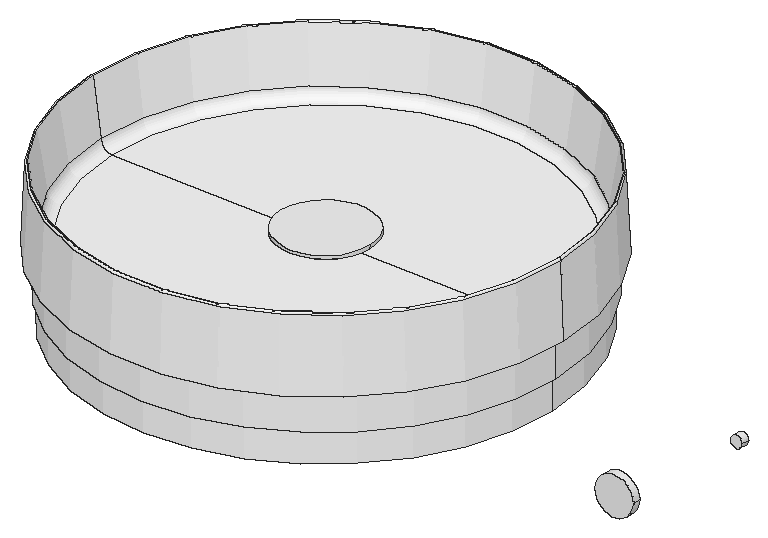
Revit family "Lavatory-TOTO-Contemporary-Luminist-LLT152", category Plumbing Fixtures, host Face, Revit 2013
Parameters
  ecoScorecard_data = "http://toto.ecoscorecard.com/product/LLT152#63-WH"
  ecoScorecard Product Page = "http://toto.ecoscorecard.com/product/LLT152#63-WH"
  Width = 24"
  Waste Connection NPT Radius = 5/8"
  Warranty URL = "http://www.totousa.com/warranty-registration"
  Warranty = "One Year Limited Warranty"  # constant formula
  URL = "http://www.totousa.com"
  Toto BIM Number = "BM-00334"  # constant formula
  Subcategory = "Lavatories"  # constant formula
  Style = "Contemporary"  # constant formula
  Spec Sheet URL = "http://assets.totousa.com/product-files/SS-00526_LLT152.pdf"
  Sink Type = ""
  Sink Configuration = ""
  Shipping Weight = 19.00 lbf
  Series = "Luminist"  # constant formula
  Sanitary Connector = "Sanitary Connection"  # constant formula
  Product Page URL = " "
  Parts Manual URL = " "
  Owners Manual URL = "  "
  Mounting = ""
  Model = "LLT152"  # constant formula
  Material = "Epoxy Resin"
  Manufacturer Phone - Toll Free = "1-888-295-8134"  # constant formula
  Manufacturer Phone = "(770) 282-8686"  # constant formula
  Manufacturer Fax = "(770) 282-0002"  # constant formula
  Manufacturer Email = "mailto:custservice@totousa.com"
  Manufacturer Address = "1155 Southern Road, Morrow, Georgia 30260"  # constant formula
  Manufacturer = "TOTO USA, Inc."  # constant formula
  Installation URL = " "
  Industry Standards = "Meets and exceeds CSA B45 series, ANSI Z124.3, UL 1951, CSA 22.2 14"  # constant formula
  Hot Water Connector = "Hot Water Connection"  # constant formula
  Hot Water Connection Radius = 3/16"
  Height = 0"
  Finish = Vitreous China - TOTO - 01 Cotton
  Diameter = 15 5/8"
  Description = "LloydÂ® Metal Console Lavatory"  # constant formula
  Depth = 15 5/8"
  Default Elevation = 48"
  Cost Info = "mailto:custservice@totousa.com "
  Color Availability = "#63 Angelic White"  # constant formula
  Cold Water Connector = "Cold Water Connection"  # constant formula
  Cold Water Connection Radius = 3/16"
  Code Compliance = "UPC, IPC, NSPC, NPC Canada, and others"  # constant formula
  Certifications = "IAPMO(cUPC), State of Massachusetts, and others"  # constant formula
  CAD Drawing URL = "http://assets.totousa.com/product-files/AD-00343_LLT152.dxf"
  Basin Diameter = 0"
  Basin Depth = 3 1/2"
  Assembly Code = "D2010310"
  ADA Compliant = yes
  95 CSI = "15410"  # constant formula
  04 CSI = "22 42 16"  # constant formula
Types (2): name | ecoScorecard_data | ecoScorecard Product Page
  (no name) | "http://toto.ecoscorecard.com/product/LLT152#63-WH" | "http://toto.ecoscorecard.com/product/LLT152#63-WH"
  LLT152 | " " | "  "
Reference planes (in)
  plane 1 "Center (Front/Back)": y = 0
  plane 2: z = 0
  plane 3 "Center (Left/Right)": x = 0
  plane 4: x = -7.8125
  plane 5: x = 7.8125
  plane 6: z = 2.37582
Dimensions and locks (in)
  "Diameter": nested 1 to nested 1
  plane 6 to plane 2 = 2.37582"
  aligned and locked: plane 2 to host face
  aligned and locked: level to host face
  aligned and locked: plane 3 "Center (Left/Right)" to nested 1
  aligned and locked: plane 1 "Center (Front/Back)" to nested 1
Automatic sketch dimensions
  host sketch curve to host sketch curve = 96"  (x2)
Nested families (in)
  nested 1: "LLT152" at (0, 0, 0), type "Standard"
    with Distance from Wall 4"
Connectors (in)
  piping at (4, 12.0625, -9.48819), driven by "Cold Water Connector", driven by "Cold Water Connection Radius"
    settings: on nested 1, index 1, connector radius 3/16", flow factor 0, pipe flow 0 GPM, pressure drop 0.00 psi, fitting loss kfactor 0, connector angle 0.00°, fixture units 0, engagement length 0", flow configuration 3, flow direction 1, fitting loss method 4, system type 20, joint type 0, gender type 0, connector reference index -1, connector utility 0, adjustable connector no, is connector primary yes, fitting loss table "", connector description "Cold Water Connection"
  piping at (-4, 12.0625, -9.48819), driven by "Hot Water Connector", driven by "Hot Water Connection Radius"
    settings: on nested 1, index 2, connector radius 3/16", flow factor 0, pipe flow 0 GPM, pressure drop 0.00 psi, fitting loss kfactor 0, connector angle 0.00°, fixture units 0, engagement length 0", flow configuration 3, flow direction 1, fitting loss method 4, system type 19, joint type 0, gender type 0, connector reference index -1, connector utility 0, adjustable connector no, is connector primary no, fitting loss table "", connector description "Hot Water Connection"
  piping at (0, 12.0625, -12.48031), driven by "Sanitary Connector", driven by "Waste Connection NPT Radius"
    settings: on nested 1, index 3, connector radius 5/8", flow factor 0, pipe flow 0 GPM, pressure drop 0.00 psi, fitting loss kfactor 0, connector angle 0.00°, fixture units 0, engagement length 0", flow configuration 3, flow direction 2, fitting loss method 4, system type 16, joint type 0, gender type 0, connector reference index -1, connector utility 0, adjustable connector no, is connector primary no, fitting loss table "", connector description "Sanitary Connection"
Definition of nested family "LLT152"
  Parameters (values of type "Standard")
    aa = Width / 2  # 7 13/16"
    Width = 15 5/8"
    Waste Connection Radius = 5/8"
    Waste Connection = yes
    WFU = 0
    Vent Connection = yes
    URL = ""
    Shipping Weight = 12.00 lbf
    Model = ""
    Manufacturer = ""
    Hot Water Connection Radius = 3/16"
    Height = 4 9/16"
    HWFU = 0
    HW Connection = yes
    Finish = Paint - TOTO-63 Angelic White
    Description = ""
    Distance from Wall [instance] = 4"
    Depth = 15 5/8"
    Cold Water Connection Radius = 3/16"
    CWFU = 0
    CW Connection = yes
    Assembly Code = ""
  Reference planes (in)
    plane 1 "Center (Front/Back)": y = 0
    plane 2: z = 0
    plane 3 "Center (Left/Right)": x = 0
    plane 4: z = -12.48031
    plane 5: z = -9.48819
    plane 6 "Wall Closure": y = 11.8125
    plane 7: x = -7.8125
    plane 8: y = 7.8125
    plane 9: y = -7.8125
    plane 10: y = 12.0625
    plane 11: x = -7
    plane 12: z = 2.375
    plane 13: z = 2.37582
    plane 14: z = -2.18668
    plane 15: x = 7.8125
    plane 16: x = 7
  Forms (in)
    Extrusion 1, solid, material "Metal - TOTO - Chrome Polished"
      sketch origin (0, 0, 0) x (1, 0, 0) y (0, 0, 1)
        loop
          circle (0, -12.48031) r 0.625
        loop
          circle (-4, -9.48819) r 0.1875
        loop
          circle (4, -9.48819) r 0.1875
      from -12.0625 to -11.8125
    Extrusion 2, solid, material "Metal - TOTO - Chrome Polished", detail levels fine
      sketch origin (-60, -180, 3.54331) x (-1, 0, 0) y (0, -1, 0)
        loop
          circle (-60, -180) r 1.45669
      from -3.0738 to -2.9698
    Revolve 3, solid, material "Paint - TOTO-63 Angelic White" <- "Finish", detail levels medium+fine
      sketch origin (0, 0, 0) x (1, 0, 0) y (0, 0, 1)
        loop
          line (-7.8125, 0) -> (-7.48163, 0) -> (-1.08203, 0) -> (-1.08203, 0.25044) -> (-6.99945, 0.25044)
          arc (-6.99945, 0.25044) -> (-7.24592, 0.35254) -> (-7.34801, 0.59901) r 0.34857
          line (-7.34801, 0.59901) -> (-7.61908, 2.35568)
          arc (-7.61908, 2.35568) -> (-7.62823, 2.36946) -> (-7.64465, 2.37142) r 0.01971
          arc (-7.64465, 2.37142) -> (-7.67802, 2.34891) -> (-7.69439, 2.31214) r 0.07304
          line (-7.69439, 2.31214) -> (-7.8125, 0)
        axis (0, 2.37142) -> (0, 0)
      angle from 0 to 360
    Revolve 4, solid, material "Paint - TOTO-63 Angelic White" <- "Finish", detail levels medium+fine
      sketch origin (0, 0, 0) x (1, 0, 0) y (0, 0, 1)
        loop
          line (-7.54314, -1.19725) -> (-7.42404, -1.19725) -> (-7.42404, -2.18668) -> (-1.08203, -2.18668) -> (-1.08203, 0) -> (-7.54314, 0) -> (-7.54314, -1.19725)
        axis (0, 0) -> (0, -2.18668)
      angle from 0 to 360
    Extrusion 5, solid, material "Paint - TOTO-63 Angelic White" <- "Finish", detail levels coarse
      sketch origin (0, 0, 0) x (1, 0, 0) y (0, 0, 1)
        loop
          line (-7.8125, 2.37582) -> (-7.8125, 0) -> (7.8125, 0) -> (7.8125, 2.37582) -> (-7.8125, 2.37582)
      from -7.8125 to 7.8125
  Lines and regions (in)
    symbolic lines, detail levels fine
      curve 1: arc (1.45669, 0, 3.54331) -> (0, 1.45669, 3.54331) -> (-1.45669, 0, 3.54331) r 1.45669
      curve 2: arc (-1.45669, 0, 3.54331) -> (0, -1.45669, 3.54331) -> (1.45669, 0, 3.54331) r 1.45669
    symbolic lines, detail levels medium+fine
      curve 3: arc (7.8125, 0, 3.54331) -> (0, 7.8125, 3.54331) -> (-7.8125, 0, 3.54331) r 7.8125
      curve 4: arc (-7.8125, 0, 3.54331) -> (0, -7.8125, 3.54331) -> (7.8125, 0, 3.54331) r 7.8125
      curve 5: circle (0, 0, 3.54331) r 7.41459 normal (0, 0, 1)
      curve 14: line (-7.8125, 0, 0) -> (7.8125, 0, 0)
      curve 15: line (-7.8125, 0, 0) -> (-7.69439, 0, 2.31214)
      curve 16: line (-7.69439, 0, 2.31214) -> (7.69439, 0, 2.31214)
      curve 17: arc (-7.69439, 0, 2.31214) -> (-7.6758, 0, 2.35146) -> (-7.63787, 0, 2.37276) r 0.07158
      curve 18: line (-7.63787, 0, 2.37276) -> (7.63865, 0, 2.37276)
      curve 19: arc (7.69439, 0, 2.31214) -> (7.67587, 0, 2.35105) -> (7.63865, 0, 2.37276) r 0.07308
      curve 20: line (7.69439, 0, 2.31214) -> (7.8125, 0, 0)
      curve 25: line (0, 7.8125, 0) -> (0, 7.696, 2.3113)
      curve 26: arc (0, 7.696, 2.3113) -> (0, 7.67946, 2.35318) -> (0, 7.64053, 2.37582) r 0.06868
      curve 27: line (0, -7.8125, 0) -> (0, -7.696, 2.3113)
      curve 28: arc (0, -7.696, 2.3113) -> (0, -7.67946, 2.35318) -> (0, -7.64053, 2.37582) r 0.06868
      curve 29: line (0, 7.8125, 0) -> (0, -7.8125, 0)
      curve 30: line (0, 7.696, 2.3113) -> (0, -7.696, 2.3113)
      curve 31: line (0, -7.64053, 2.37582) -> (0, 7.64053, 2.37582)
    symbolic lines, detail levels coarse
      curve 6: line (-7.8125, 7.8125, 0) -> (7.8125, 7.8125, 0)
      curve 7: line (-7.8125, -7.8125, 0) -> (-7.8125, 7.8125, 0)
      curve 8: line (7.8125, -7.8125, 0) -> (-7.8125, -7.8125, 0)
      curve 9: line (7.8125, 7.8125, 0) -> (7.8125, -7.8125, 0)
      curve 10: line (-7.8125, 0, 2.37582) -> (7.8125, 0, 2.37582)
      curve 11: line (-7.8125, 0, 0) -> (-7.8125, 0, 2.37582)
      curve 12: line (7.8125, 0, 0) -> (-7.8125, 0, 0)
      curve 13: line (7.8125, 0, 2.37582) -> (7.8125, 0, 0)
      curve 21: line (0, 7.8125, 2.37582) -> (0, -7.8125, 2.37582)
      curve 22: line (0, 7.8125, 0) -> (0, 7.8125, 2.37582)
      curve 23: line (0, -7.8125, 0) -> (0, 7.8125, 0)
      curve 24: line (0, -7.8125, 2.37582) -> (0, -7.8125, 0)
  Dimensions and locks (in)
    locked: plane 5 to plane 4 at 2.99213
    locked: plane 3 "Center (Left/Right)" to Extrusion 1 sketch curve at 0
    locked: plane 4 to Extrusion 1 sketch curve at 0
    locked: plane 5 to Extrusion 1 sketch curve at 0  (x2)
    equal spacing: plane 8, plane 1 "Center (Front/Back)", plane 9
    "Depth": plane 8 to plane 9
    plane 7 to plane 3 "Center (Left/Right)" = 7 13/16"  (x2)
    Extrusion 2 to Extrusion 2 = 0.104"
    locked: Extrusion 2 to Extrusion 2 at 0.104
    locked: Extrusion 2 sketch curve to plane 3 "Center (Left/Right)" at 0
    locked: Extrusion 2 sketch curve to plane 1 "Center (Front/Back)" at 0
    locked: plane 3 "Center (Left/Right)" to Extrusion 2 sketch curve at 1.45669
    "Distance from Wall": plane 6 "Wall Closure" to plane 8
    locked: plane 10 to plane 6 "Wall Closure" at 0.25
    plane 11 to plane 3 "Center (Left/Right)" = 7"
    plane 12 to plane 2 = 2 3/8"
    aligned and locked: Extrusion 1 to plane 6 "Wall Closure"
    aligned and locked: curve 1 to Extrusion 2
    aligned and locked: curve 2 to Extrusion 2
    aligned and locked: plane 10 to Extrusion 1
  Automatic sketch dimensions
    Revolve 4 sketch curve to level = 0"
    Revolve 4 sketch curve to plane 3 "Center (Left/Right)" = 0"
    Revolve 4 sketch curve to plane 3 "Center (Left/Right)" = 1 21/256"
    plane 7 to Revolve 4 sketch curve = 0.38846"
    Revolve 4 sketch curve to Revolve 4 sketch curve = 0.1191"
    Revolve 4 sketch curve to Revolve 4 sketch curve = 0.98943"
    Revolve 4 sketch curve to Revolve 4 sketch curve = 1.19725"
    Revolve 4 sketch curve to Revolve 4 sketch curve = 0.22865"
    level to Revolve 4 sketch curve = 3.54331"
    plane 3 "Center (Left/Right)" to Extrusion 1 sketch curve = 4"
    Extrusion 1 sketch curve to plane 11 = 3"
    plane 14 to Extrusion 5 sketch curve = 2.18668"
    Extrusion 5 sketch curve to plane 7 = 0"
    plane 15 to Extrusion 5 sketch curve = 0"
    plane 13 to Extrusion 5 sketch curve = 0"
    curve 8 to plane 7 = 0"
    curve 8 to plane 9 = 0"
    curve 8 to plane 15 = 0"
    curve 7 to plane 8 = 0"
    Revolve 3 sketch curve to level = 0"
    Revolve 3 sketch curve to plane 7 = 0"
    Revolve 3 sketch curve to plane 3 "Center (Left/Right)" = 0"
    plane 7 to Revolve 3 sketch curve = 0.11811"
    Revolve 3 sketch curve to plane 12 = 0.00358"
    Revolve 3 sketch curve to Revolve 3 sketch curve = 0.04974"
    Revolve 3 sketch curve to Revolve 3 sketch curve = 0"
    Revolve 3 sketch curve to Revolve 3 sketch curve = 0.0061"
    Revolve 3 sketch curve to Revolve 3 sketch curve = 0.0165"
    Revolve 3 sketch curve to plane 12 = 0.01932"
    Revolve 3 sketch curve to Revolve 3 sketch curve = 0.01948"
    Revolve 3 sketch curve to Revolve 3 sketch curve = 0.33087"
    plane 11 to Revolve 3 sketch curve = 0.34801"
    Revolve 3 sketch curve to plane 11 = 0.00055"
    Revolve 3 sketch curve to plane 3 "Center (Left/Right)" = 1 21/256"
    plane 14 to Revolve 3 sketch curve = 0.59859"
    level to Revolve 3 sketch curve = 0.25044"
    Revolve 3 sketch curve to plane 12 = 0.4813"
    curve 1 to curve 3 = 0"  (x2)
    curve 1 to curve 5 = 0"  (x2)
    curve 4 to plane 15 = 0"
    curve 21 to plane 9 = 0"
    curve 23 to plane 8 = 0"
    curve 29 to level = 0"
    curve 22 to plane 13 = 0"
    plane 9 to curve 30 = 0.1165"
    curve 31 to plane 13 = 0"
    curve 27 to curve 31 = 0.05547"
    curve 28 to curve 28 = 0.01315"
    curve 26 to plane 13 = 0.06741"
    curve 26 to plane 8 = 0.18512"
    curve 26 to curve 26 = 0.01315"
    curve 25 to plane 13 = 0.06452"
    curve 10 to plane 7 = 0"
    plane 15 to curve 12 = 0"
    curve 13 to plane 13 = 0"
    curve 14 to level = 0"
    plane 7 to curve 17 = 0.11811"
    curve 17 to plane 13 = 0.00306"
    curve 15 to curve 17 = 0.05652"
    curve 18 to curve 17 = 0.01443"
    curve 19 to plane 13 = 19/256"
    plane 15 to curve 19 = 0.19042"
    curve 19 to curve 19 = 0.01657"
    curve 20 to plane 13 = 0.06367"
    radius of Extrusion 1 sketch curve = 5/8"
    radius of Extrusion 1 sketch curve = 3/16"  (x2)
    radius of curve 5 = 7.41459"
